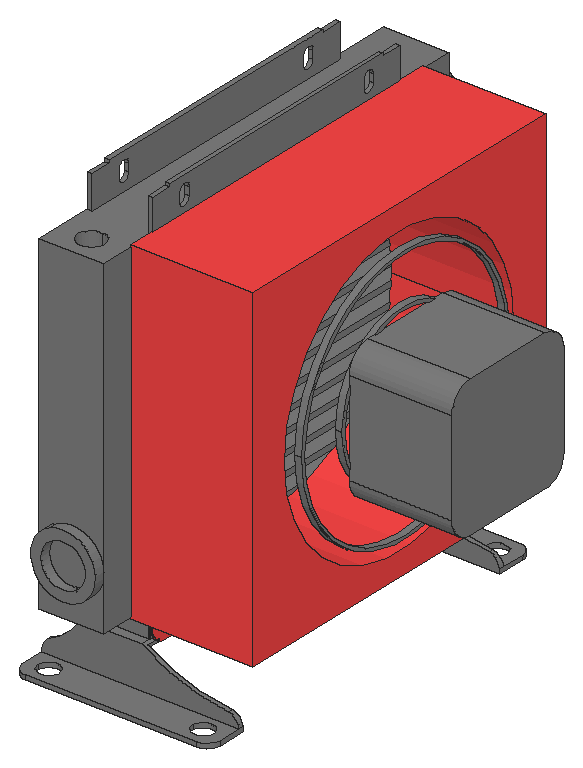
Revit family "MIT-A13Y-01", category Specialty Equipment, Revit 2022
Family settings
  Round Connector Dimension = Use Radius
  Part Type = Normal
  Work Plane-Based = No
  Always vertical = Yes
  Cut with Voids When Loaded = No
  Maintain Annotation Orientation = No
  Shared = No
  Room Calculation Point = No
Parameters
  URL = "https://en.ekinendustriyel.com/fan-driven-oil-coolers"
  Model = "MIT-A13Y-01"
  Manufacturer = "Ekin Endüstriyel"
  Keynote = "Fan Driven Oil Coolers"
  Description = "MIT- Fan Driven Oil Coolers"
  Default Elevation = 0 mm
Reference planes
  plane 1 "Center (Front/Back)": y = 0
  plane 2: z = 0
  plane 3 "Center (Left/Right)": x = 0
Forms (mm)
  Extrusion 1, solid, material "Ekin Endustriyel-S235JR", detail levels medium+fine
    sketch origin (0, -0.99, 0) x (0, 1, 0) y (0, 0, 1)
      loop
        line (150.799, 284.525) -> (-148.889, 284.525) -> (-148.889, 54.369) -> (150.799, 54.369) -> (150.799, 284.525)
      loop
        line (115.99, 278.883) -> (-114.01, 278.883) -> (-114.01, 269.383) -> (115.99, 269.383) -> (115.99, 278.883)
      loop
        line (115.99, 265.783) -> (-114.01, 265.783) -> (-114.01, 256.283) -> (115.99, 256.283) -> (115.99, 265.783)
      loop
        line (115.99, 252.683) -> (-114.01, 252.683) -> (-114.01, 243.183) -> (115.99, 243.183) -> (115.99, 252.683)
      loop
        line (115.99, 239.583) -> (-114.01, 239.583) -> (-114.01, 230.083) -> (115.99, 230.083) -> (115.99, 239.583)
      loop
        line (115.99, 226.483) -> (-114.01, 226.483) -> (-114.01, 216.983) -> (115.99, 216.983) -> (115.99, 226.483)
      loop
        line (115.99, 213.383) -> (-114.01, 213.383) -> (-114.01, 203.883) -> (115.99, 203.883) -> (115.99, 213.383)
      loop
        line (115.99, 200.283) -> (-114.01, 200.283) -> (-114.01, 190.783) -> (115.99, 190.783) -> (115.99, 200.283)
      loop
        line (115.99, 187.183) -> (-114.01, 187.183) -> (-114.01, 177.683) -> (115.99, 177.683) -> (115.99, 187.183)
      loop
        line (115.99, 174.083) -> (-114.01, 174.083) -> (-114.01, 164.583) -> (115.99, 164.583) -> (115.99, 174.083)
      loop
        line (115.99, 160.983) -> (-114.01, 160.983) -> (-114.01, 151.483) -> (115.99, 151.483) -> (115.99, 160.983)
      loop
        line (115.99, 147.883) -> (-114.01, 147.883) -> (-114.01, 138.383) -> (115.99, 138.383) -> (115.99, 147.883)
      loop
        line (115.99, 134.783) -> (-114.01, 134.783) -> (-114.01, 125.283) -> (115.99, 125.283) -> (115.99, 134.783)
      loop
        line (115.99, 121.683) -> (-114.01, 121.683) -> (-114.01, 112.183) -> (115.99, 112.183) -> (115.99, 121.683)
      loop
        line (115.99, 108.583) -> (-114.01, 108.583) -> (-114.01, 99.083) -> (115.99, 99.083) -> (115.99, 108.583)
      loop
        line (115.99, 95.483) -> (-114.01, 95.483) -> (-114.01, 85.983) -> (115.99, 85.983) -> (115.99, 95.483)
      loop
        line (115.99, 82.383) -> (-114.01, 82.383) -> (-114.01, 72.883) -> (115.99, 72.883) -> (115.99, 82.383)
      loop
        line (115.99, 69.283) -> (-114.01, 69.283) -> (-114.01, 59.783) -> (115.99, 59.783) -> (115.99, 69.283)
    from 0 to 45
  Extrusion 2, solid, material "Ekin Endustriyel-S235JR", detail levels medium+fine
    sketch origin (0, 46.049, 0) x (1, 0, 0) y (0, 0, 1)
      loop
        circle (22.5, 246.833) r 15.425
      loop
        circle (22.5, 246.833) r 22.5
    from -104.01 to -115
  Extrusion 3, solid, material "Ekin Endustriyel-S235JR", detail levels medium+fine
    sketch origin (0, 0, 1.562) x (1, 0, 0) y (0, 0, 1)
      loop
        circle (22.5, 90.41) r 22.5
      loop
        circle (22.5, 90.271) r 15.425
    from 149.879 to 157
  Extrusion 4, solid, material "Ekin Endustriyel_S235JR", detail levels medium+fine
    sketch origin (0, 0, 0) x (0, 1, 0) y (0, 0, 1)
      loop
        line (-126.75, 53.41) -> (127.432, 53.41) -> (127.432, 286.333) -> (-126.75, 286.333) -> (-126.75, 53.41)
      loop
        circle (0, 169.333) r 100
    from 45 to 130
  Extrusion 5, solid, material "Ekin Endustriyel-S235JR", detail levels fine
    sketch origin (0, 0, 0) x (0, 1, 0) y (0, 0, 1)
      loop
        line (107.5, 279.433) -> (107.5, 307.433) -> (92.5, 307.433) -> (92.5, 309.433) -> (-92.5, 309.433) -> (-92.5, 307.433) -> (-107.5, 307.433) -> (-107.5, 279.433) -> (107.5, 279.433)
      loop
        line (84.5, 294.433) -> (84.5, 299.933)
        arc (84.5, 299.933) -> (80, 304.433) -> (75.5, 299.933) r 4.5
        line (75.5, 299.933) -> (75.5, 294.433)
        arc (75.5, 294.433) -> (80, 289.933) -> (84.5, 294.433) r 4.5
      loop
        line (-75.5, 294.433) -> (-75.5, 299.933)
        arc (-75.5, 299.933) -> (-80, 304.433) -> (-84.5, 299.933) r 4.5
        line (-84.5, 299.933) -> (-84.5, 294.433)
        arc (-84.5, 294.433) -> (-80, 289.933) -> (-75.5, 294.433) r 4.5
    from 0 to 3
  Extrusion 6, solid, material "Ekin Endustriyel_S235JR", detail levels medium+fine
    sketch origin (42, 0, 0) x (0, 1, 0) y (0, 0, 1)
      loop
        line (70, 224.41) -> (70, 240.91)
        arc (70, 240.91) -> (67.071, 247.982) -> (60, 250.91) r 10
        line (60, 250.91) -> (-60, 250.91)
        arc (-60, 250.91) -> (-67.071, 247.982) -> (-70, 240.91) r 10
        line (-70, 240.91) -> (-70, 224.41) -> (70, 224.41)
      loop
        line (-38, 238.41) -> (-38, 242.41)
        arc (-38, 242.41) -> (-42.5, 246.91) -> (-47, 242.41) r 4.5
        line (-47, 242.41) -> (-47, 238.41)
        arc (-47, 238.41) -> (-42.5, 233.91) -> (-38, 238.41) r 4.5
      loop
        arc (38, 238.41) -> (42.5, 233.91) -> (47, 238.41) r 4.5
        line (47, 238.41) -> (47, 242.41)
        arc (47, 242.41) -> (42.5, 246.91) -> (38, 242.41) r 4.5
        line (38, 242.41) -> (38, 238.41)
    from 1.5 to 3
  Extrusion 7, solid, material "Ekin Endustriyel_S235JR", detail levels fine
    sketch origin (42, 0, 278.821) x (0, 1, 0) y (0, 0, 1)
      loop
        line (105, -224.41) -> (-107.5, -224.41) -> (-107.5, -240.91)
        arc (-107.5, -240.91) -> (-104.571, -247.982) -> (-97.5, -250.91) r 10
        line (-97.5, -250.91) -> (95, -250.91)
        arc (95, -250.91) -> (102.071, -247.982) -> (105, -240.91) r 10
        line (105, -240.91) -> (105, -224.41)
      loop
        arc (-75.5, -234.588) -> (-80, -230.088) -> (-84.5, -234.588) r 4.5
        line (-84.5, -234.588) -> (-84.5, -240.088)
        arc (-84.5, -240.088) -> (-80, -244.588) -> (-75.5, -240.088) r 4.5
        line (-75.5, -240.088) -> (-75.5, -234.588)
      loop
        line (75.5, -234.588) -> (75.5, -240.088)
        arc (75.5, -240.088) -> (80, -244.588) -> (84.5, -240.088) r 4.5
        line (84.5, -240.088) -> (84.5, -234.588)
        arc (84.5, -234.588) -> (80, -230.088) -> (75.5, -234.588) r 4.5
    from 1.5 to 3
  Extrusion 8, solid, material "Ekin Endustriyel-S235JR", detail levels fine
    sketch origin (0, 0, 278.821) x (0, 1, 0) y (0, 0, 1)
      loop
        line (107.5, -224.41) -> (-107.5, -224.41) -> (-107.5, -246.91) -> (-55, -246.91) -> (-55, -248.91) -> (55, -248.91) -> (55, -246.91) -> (107.5, -246.91) -> (107.5, -224.41)
      loop
        arc (84.5, -234.588) -> (80, -230.088) -> (75.5, -234.588) r 4.5
        line (75.5, -234.588) -> (75.5, -240.088)
        arc (75.5, -240.088) -> (80, -244.588) -> (84.5, -240.088) r 4.5
        line (84.5, -240.088) -> (84.5, -234.588)
      loop
        arc (-75.5, -234.588) -> (-80, -230.088) -> (-84.5, -234.588) r 4.5
        line (-84.5, -234.588) -> (-84.5, -240.088)
        arc (-84.5, -240.088) -> (-80, -244.588) -> (-75.5, -240.088) r 4.5
        line (-75.5, -240.088) -> (-75.5, -234.588)
    from 1.5 to 3
  Extrusion 9, solid, material "Ekin Endustriyel-S235JR", detail levels fine
    sketch origin (40.5, 0, 278.821) x (0, 1, 0) y (0, 0, 1)
      loop
        line (107.5, -224.41) -> (-107.5, -224.41) -> (-107.5, -246.91) -> (-92.5, -246.91) -> (-92.5, -248.91) -> (92.5, -248.91) -> (92.5, -246.91) -> (107.5, -246.91) -> (107.5, -224.41)
      loop
        arc (-83.5, -232.488) -> (-88, -236.988) -> (-83.5, -241.488) r 4.5
        line (-83.5, -241.488) -> (-76.5, -241.488)
        arc (-76.5, -241.488) -> (-72, -236.988) -> (-76.5, -232.488) r 4.5
        line (-76.5, -232.488) -> (-83.5, -232.488)
      loop
        arc (76.5, -232.488) -> (72, -236.988) -> (76.5, -241.488) r 4.5
        line (76.5, -241.488) -> (83.5, -241.488)
        arc (83.5, -241.488) -> (88, -236.988) -> (83.5, -232.488) r 4.5
        line (83.5, -232.488) -> (76.5, -232.488)
    from 1.5 to 3
  Sweep 10, solid, material "Ekin Endustriyel-S235JR", detail levels fine
    path origin (0, -37.494, 0) x (0, 1, 0) y (0, 0, 1)
      loop
        line (-54.233, 28.911) -> (-74.233, 28.911) -> (-74.233, 0) -> (-104.233, 0)
    profile origin (0, -101.727, 28.911) x (0, 0, -1) y (1, 0, 0)
      loop
        line (0, 114.185) -> (-2.995, 114.185) -> (-2.995, -29.098) -> (0, -29.098) -> (0, 114.185)
  Extrusion 11, void
    sketch origin (0, -37.494, 0) x (1, 0, 0) y (0, 1, 0)
      loop
        circle (-11.027, -89.97) r 7.5
      loop
        circle (33.496, -62.508) r 3.25
      loop
        circle (11.489, -62.508) r 3.25
      loop
        arc (9.13, -55.039) -> (2.655, -58.269) -> (0, -65) r 10.105
        line (0, -65) -> (0, -74.233) -> (-26.014, -74.233) -> (-26.014, -92.814)
        arc (-26.014, -92.814) -> (-23.413, -99.683) -> (-16.915, -103.106) r 10.37
        line (-16.915, -103.106) -> (101.946, -103.106)
        arc (101.946, -103.106) -> (108.142, -100.01) -> (111.007, -93.705) r 10.37
        line (111.007, -93.705) -> (111.007, -74.233) -> (45, -74.233) -> (45, -65)
        arc (45, -65) -> (42.345, -58.269) -> (35.87, -55.039) r 10.105
        line (35.87, -55.039) -> (9.13, -55.039)
      loop
        line (-42.92, -29.216) -> (-42.92, -129.216) -> (127.08, -129.216) -> (127.08, -29.216) -> (-42.92, -29.216)
      loop
        circle (96.027, -89.97) r 7.5
    from -5.013 to 36.328
  Sweep 12, solid, material "Ekin Endustriyel-S235JR", detail levels fine
    path origin (0, 37.412, 0) x (0, -1, 0) y (0, 0, -1)
      loop
        line (-54.233, -28.911) -> (-74.233, -28.911) -> (-74.233, 0) -> (-104.233, 0)
    profile origin (0, 101.645, 28.911) x (0, 0, 1) y (1, 0, 0)
      loop
        line (0, 114.185) -> (0, -29.098) -> (2.995, -29.098) -> (2.995, 114.185) -> (0, 114.185)
  Extrusion 13, void
    sketch origin (0, 37.412, 0) x (1, 0, 0) y (0, 1, 0)
      loop
        circle (95.999, 89.973) r 7.5
      loop
        circle (33.496, 62.508) r 3.25
      loop
        circle (11.489, 62.508) r 3.25
      loop
        line (9.13, 55.039) -> (35.87, 55.039)
        arc (35.87, 55.039) -> (42.345, 58.269) -> (45, 65) r 10.105
        line (45, 65) -> (45, 74.233) -> (111.007, 74.233) -> (111.007, 93.861)
        arc (111.007, 93.861) -> (108.142, 100.167) -> (101.946, 103.262) r 10.37
        line (101.946, 103.262) -> (-16.915, 103.262)
        arc (-16.915, 103.262) -> (-23.413, 99.839) -> (-26.014, 92.97) r 10.37
        line (-26.014, 92.97) -> (-26.014, 74.233) -> (0, 74.233) -> (0, 65)
        arc (0, 65) -> (2.655, 58.269) -> (9.13, 55.039) r 10.105
      loop
        line (-42.92, 29.216) -> (127.08, 29.216) -> (127.08, 129.216) -> (-42.92, 129.216) -> (-42.92, 29.216)
      loop
        circle (-10.967, 89.973) r 7.5
    from -5.013 to 36.328
  Extrusion 14, void
    sketch origin (0, 0, 0) x (1, 0, 0) y (0, 0, 1)
      loop
        arc (-26.014, 2.995) -> (-25.177, 8.038) -> (-22.12, 12.135) r 10.827
        arc (-22.12, 12.135) -> (-9.061, 20.257) -> (0.974, 31.91) r 50.875
        line (0.974, 31.91) -> (43.275, 31.91)
        arc (43.275, 31.91) -> (72.201, 17.464) -> (103.924, 11.213) r 120.72
        arc (103.924, 11.213) -> (108.602, 8.136) -> (110.819, 2.995) r 9.759
        line (110.819, 2.995) -> (120.819, 2.995) -> (120.819, 34.5) -> (-33.827, 34.5) -> (-33.827, 2.995) -> (-26.014, 2.995)
    from -140 to 147.002
  Extrusion 15, solid, material "Ekin Endustriyel-S235JR", detail levels fine
    sketch origin (0, 0, 0) x (1, 0, 0) y (0, 0, 1)
      loop
        line (3, 31.91) -> (42, 31.91) -> (42, 54.41) -> (3, 54.41) -> (3, 31.91)
    from 106.5 to 107.5
  Extrusion 16, solid, material "Ekin Endustriyel-S235JR", detail levels fine
    sketch origin (0, 139.233, 0) x (1, 0, 0) y (0, 0, 1)
      loop
        line (3, 31.91) -> (42, 31.91) -> (42, 54.41) -> (3, 54.41) -> (3, 31.91)
    from 31.733 to 32.723
  Extrusion 17, solid, material "Ekin Endustriyel-S235JR", detail levels coarse
    sketch origin (0, 0, 0) x (0, 1, 0) y (0, 0, 1)
      loop
        line (150.049, 284.333) -> (-150.99, 284.333) -> (-150.99, 54.41) -> (-107.5, 54.41) -> (-107.5, 0) -> (107.5, 0) -> (107.5, 54.41) -> (150.049, 54.41) -> (150.049, 284.333)
    from 0 to 45
  Extrusion 18, solid, material "Ekin Endustriyel_S235JR", detail levels coarse
    sketch origin (0, 0, 0) x (0, 1, 0) y (0, 0, 1)
      loop
        line (-127.632, 286.333) -> (-127.632, 52.333) -> (127.344, 52.333) -> (127.344, 286.333) -> (-127.632, 286.333)
    from 45 to 134.666
  Extrusion 19, void
    sketch origin (0, -271.91, 175.333) x (1, 0, 0) y (0, 1, 0)
      loop
        circle (22.5, 139.41) r 9.3
    from 77.35 to 113.259
  Extrusion 20, solid, material "Ekin Endustriyel-S235JR", detail levels fine
    sketch origin (42, 0, 0) x (0, 1, 0) y (0, 0, 1)
      loop
        line (107.5, 279.433) -> (107.5, 307.433) -> (92.5, 307.433) -> (92.5, 309.433) -> (-92.5, 309.433) -> (-92.5, 307.433) -> (-107.5, 307.433) -> (-107.5, 279.433) -> (107.5, 279.433)
      loop
        line (84.5, 294.433) -> (84.5, 299.933)
        arc (84.5, 299.933) -> (80, 304.433) -> (75.5, 299.933) r 4.5
        line (75.5, 299.933) -> (75.5, 294.433)
        arc (75.5, 294.433) -> (80, 289.933) -> (84.5, 294.433) r 4.5
      loop
        line (-75.5, 294.433) -> (-75.5, 299.933)
        arc (-75.5, 299.933) -> (-80, 304.433) -> (-84.5, 299.933) r 4.5
        line (-84.5, 299.933) -> (-84.5, 294.433)
        arc (-84.5, 294.433) -> (-80, 289.933) -> (-75.5, 294.433) r 4.5
    from 0 to 3
  Extrusion 21, solid, material "Ekin Endustriyel-S235JR"
    sketch origin (0, 0, 0) x (0, 1, 0) y (0, 0, 1)
      loop
        arc (-32.5, 217.833) -> (-43.814, 213.147) -> (-48.5, 201.833) r 16
        line (-48.5, 201.833) -> (-48.5, 136.833)
        arc (-48.5, 136.833) -> (-43.814, 125.519) -> (-32.5, 120.833) r 16
        line (-32.5, 120.833) -> (32.5, 120.833)
        arc (32.5, 120.833) -> (43.814, 125.519) -> (48.5, 136.833) r 16
        line (48.5, 136.833) -> (48.5, 201.833)
        arc (48.5, 201.833) -> (43.814, 213.147) -> (32.5, 217.833) r 16
        line (32.5, 217.833) -> (-32.5, 217.833)
    from 134.666 to 205.681
  Extrusion 22, solid, material "Ekin Endustriyel-S235JR", detail levels medium+fine
    sketch origin (0, 0, 0) x (0, 1, 0) y (0, 0, 1)
      loop
        circle (0, 169.333) r 90
      loop
        circle (0, 169.333) r 88
      loop
        circle (0, 169.333) r 55
      loop
        circle (0, 169.333) r 53
      loop
        circle (0, 169.333) r 15
      loop
        circle (0, 169.333) r 13
    from 130 to 134.666
Cuts and joins
  Extrusion 13 cuts Extrusion 5
  joined: Extrusion 4, Extrusion 6
  Extrusion 11, Extrusion 13, Extrusion 14 cuts Sweep 10
  Extrusion 13, Extrusion 14 cuts Sweep 12
  Extrusion 13, Extrusion 19 cuts Extrusion 1
  Extrusion 13 cuts Extrusion 2
  Extrusion 13 cuts Extrusion 3
Dimensions and locks
  aligned and locked: level to plane 2
Connectors
  piping at (22.5, -157, 91.973), diameter 25.4
    settings: on cut or joined group of Extrusion 5, Extrusion 13, index 2, connector inside diameter 609.6 mm, connector length 0 mm, flow factor 0, pipe flow 0.0 L/s, pressure drop 0.0 Pa, fitting loss kfactor 0, connector angle 0.00°, fixture units 0, engagement length 0 mm, angle of deflection 0.00°, flow configuration 0, flow direction 0, fitting loss method 0, system type 7, joint type 0, gender type 0, connector reference index -1, connector utility 0, adjustable connector no, is connector primary yes, connector description ""
  piping at (22.5, 161.049, 246.833), diameter 25.4
    settings: on cut or joined group of Extrusion 5, Extrusion 13, index 3, connector inside diameter 609.6 mm, connector length 0 mm, flow factor 0, pipe flow 0.0 L/s, pressure drop 0.0 Pa, fitting loss kfactor 0, connector angle 0.00°, fixture units 0, engagement length 0 mm, angle of deflection 0.00°, flow configuration 0, flow direction 0, fitting loss method 0, system type 7, joint type 0, gender type 0, connector reference index -1, connector utility 0, adjustable connector no, is connector primary no, connector description ""
  piping at (22.5, -132.5, 284.525), diameter 18
    settings: on cut or joined group of Extrusion 1, Extrusion 13, Extrusion 19, index 4, connector inside diameter 609.6 mm, connector length 0 mm, flow factor 0, pipe flow 0.0 L/s, pressure drop 0.0 Pa, fitting loss kfactor 0, connector angle 0.00°, fixture units 0, engagement length 0 mm, angle of deflection 0.00°, flow configuration 0, flow direction 0, fitting loss method 0, system type 7, joint type 0, gender type 0, connector reference index -1, connector utility 0, adjustable connector no, is connector primary no, connector description ""
